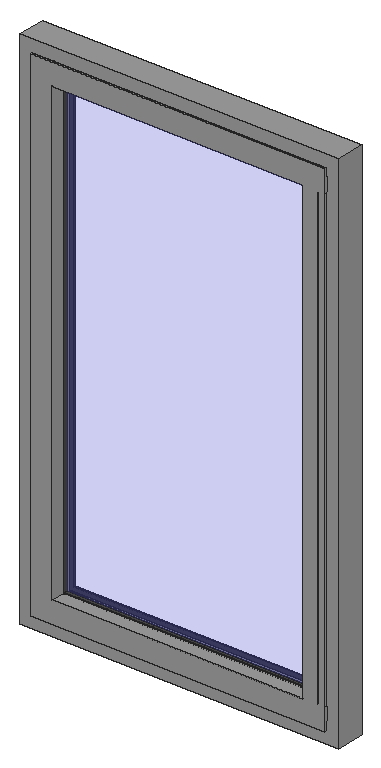
Revit family "SS_3250_LAP IC001_v01", category Windows, host Wall, Revit 2015
Parameters
  Wall Thickness [instance] = 0' - 6"
  URL = "obe.com"
  Rough Width = Width + 0' 0 1/2"  # 3' - 0 1/2"
  Rough Height = Height + 0' 0 1/2"  # 5' - 0 1/2"
  Offset Limitation [instance] = if((Offset + 0' 3 1/4") > Wall Thickness, (Wall Thickness - 0' 3 1/4"), Offset)  # 0' - 0"
  Offset [instance] = 0' - 0"
  Model = "SS_3250_LAP IC001"
  Manufacturer = "Oldcastle BuildingEnvelope®"
  Keynote = "08 51 00"
  Height = 5' - 0"
  Glass Material = Glass
  Gasket Material = Gasket
  Frame Material = Aluminum
  Description = "SIGNATURE SERIES 3.25 LAP"
  Default Sill Height = 3' - 0"
  Wall Closure = By host
  Width = 3' - 0"
  Assembly Code = "B2020\r\nB2020\r\n"
Reference planes (in)
  plane 1 "Center (Front/Back)": y = 0
  plane 2: z = 0
  plane 3 "Center (Left/Right)": x = 0.25
  plane 4 "Left": x = -18
  plane 5 "Right": x = 18.5
  plane 6 "Sill": z = 36
  plane 7 "Top": z = 96.5
  plane 8 "Offset": y = 3
  plane 9: x = 18.25
  plane 10: z = 96.25
  plane 11: x = -17.75
  plane 12: z = 36.25
  plane 13: z = 39.25
  plane 14: z = 93.25
  plane 15: z = 66.25
  plane 16 "INT": y = 1.451
Forms (in)
  Sweep 1, solid, material "Aluminum" <- "Frame Material"
    path origin (0, 3, 0) x (-1, 0, 0) y (0, 0, 1)
      loop
        line (17.75, 36) -> (17.75, 96.5)
    profile origin (-17.75, 3, 66.25) x (1, 0, 0) y (0, 1, 0)
      loop
        line (1.36814, -3.25) -> (1.36814, -0.08) -> (2.25, -0.08) -> (2.25, 0) -> (-0.25, 0) -> (-0.25, -0.08) -> (-0.25, -3.17) -> (-0.25, -3.25) -> (1.36814, -3.25)
  Extrusion 2, solid, material "Glass" <- "Glass Material"
    sketch origin (0, 0, 36) x (0, -1, 0) y (1, 0, 0)
      loop
        line (-2.451, 15.25) -> (-2.451, -14.75) -> (-1.451, -14.75) -> (-1.451, 15.25) -> (-2.451, 15.25)
    from 3.25 to 57.25
  Sweep 3, solid, material "Aluminum" <- "Frame Material"
    path origin (0, 3, 0) x (-1, 0, 0) y (0, 0, 1)
      loop
        line (-18.25, 96.5) -> (-18.25, 36)
    profile origin (18.25, 3, 66.25) x (0, 1, 0) y (-1, 0, 0)
      loop
        line (0, 2.25) -> (-0.08, 2.25) -> (-0.08, 1.36814) -> (-3.25, 1.36814) -> (-3.25, -0.25) -> (0, -0.25) -> (0, 2.25)
  Sweep 4, solid, material "Aluminum" <- "Frame Material"
    path origin (0, 3, 0) x (-1, 0, 0) y (0, 0, 1)
      loop
        line (18, 36.25) -> (-18.5, 36.25)
    profile origin (0.25, 3, 36.25) x (0, 0, -1) y (0, 1, 0)
      loop
        line (0.25, -3.25) -> (0.25, 0) -> (-2.25, 0) -> (-2.25, -0.174) -> (-1.375, -0.174) -> (-1.375, -3.25) -> (0.25, -3.25)
  Sweep 5, solid, material "Aluminum" <- "Frame Material"
    path origin (0, 3, 0) x (-1, 0, 0) y (0, 0, 1)
      loop
        line (-18.5, 96.25) -> (18, 96.25)
    profile origin (0.25, 3, 96.25) x (0, 0, 1) y (0, 1, 0)
      loop
        line (0.25, 0) -> (-2.25, 0) -> (-2.25, -0.17965) -> (-1.37526, -0.17965) -> (-1.37526, -3.25) -> (0.25, -3.25) -> (0.25, 0)
  Sweep 6, solid, material "Gasket" <- "Gasket Material", detail levels fine
    path origin (0, 3, 0) x (-1, 0, 0) y (0, 0, 1)
      loop
        line (-14.625, 92.625) -> (-14.625, 39.875) -> (14.125, 39.875) -> (14.125, 92.625) -> (-14.625, 92.625)
    profile origin (0.25, 3, 92.625) x (0, 0, 1) y (0, 1, 0)
      loop
        line (0.34093, -0.42398) -> (-0.014, -0.42398) -> (-0.014, -0.27489) -> (-0.05125, -0.28625) -> (-0.15422, -0.549) -> (0.34093, -0.549) -> (0.34093, -0.42398)
      loop
        line (-0.125, -1.549) -> (-0.03895, -1.829) -> (-0.00014, -1.829) -> (-0.01214, -1.74898) -> (0.16122, -1.74898) -> (0.23207, -1.66148) -> (0.3225, -1.58826)
        arc (0.3225, -1.58826) -> (0.33392, -1.57024) -> (0.33208, -1.549) r 0.03334
        line (0.33208, -1.549) -> (-0.125, -1.549)
  Sweep 7, solid, material "Aluminum" <- "Frame Material"
    path origin (0, 3, 0) x (-1, 0, 0) y (0, 0, 1)
      loop
        line (17.75, 95.1162) -> (17.75, 37.3838)
    profile origin (-17.75, 3, 66.25) x (0, 1, 0) y (-1, 0, 0)
      loop
        line (-0.25, -2) -> (-3.375, -2) -> (-3.375, -1.1338) -> (-3.5, -1.15625) -> (-3.5, -3.625) -> (-1.74898, -3.625) -> (-1.74898, -3) -> (-0.424, -3) -> (-0.424, -3.625) -> (-0.25, -3.625) -> (-0.25, -2)
  Sweep 8, solid, material "Aluminum" <- "Frame Material"
    path origin (0, 3, 0) x (-1, 0, 0) y (0, 0, 1)
      loop
        line (-18.25, 95.1162) -> (-18.25, 37.3838)
    profile origin (18.25, 3, 66.25) x (0, 1, 0) y (-1, 0, 0)
      loop
        line (-0.25, 2) -> (-0.25, 3.625) -> (-0.424, 3.625) -> (-0.424, 3) -> (-1.749, 3) -> (-1.749, 3.625) -> (-3.5, 3.625) -> (-3.5, 1.15625) -> (-3.375, 1.1338) -> (-3.375, 2) -> (-0.25, 2)
  Sweep 9, solid, material "Aluminum" <- "Frame Material"
    path origin (0, 3, 0) x (-1, 0, 0) y (0, 0, 1)
      loop
        line (-17.1162, 96.25) -> (16.6162, 96.25)
    profile origin (0.25, 3, 96.25) x (0, 0, 1) y (0, 1, 0)
      loop
        line (-2, -0.25) -> (-3.625, -0.25) -> (-3.625, -0.42398) -> (-3, -0.42398) -> (-3, -1.74898) -> (-3.62506, -1.74898) -> (-3.62506, -3.5) -> (-1.125, -3.5) -> (-1.125, -3.326) -> (-2, -3.326) -> (-2, -0.25)
  Sweep 10, solid, material "Aluminum" <- "Frame Material"
    path origin (0, 3, 0) x (-1, 0, 0) y (0, 0, 1)
      loop
        line (16.6162, 36.25) -> (-17.1162, 36.25)
    profile origin (0.25, 3, 36.25) x (0, 0, -1) y (0, 1, 0)
      loop
        line (-3.625, -0.25) -> (-3.625, -0.42398) -> (-3, -0.42398) -> (-3, -1.74898) -> (-3.625, -1.74898) -> (-3.625, -3.5) -> (-1.11135, -3.5) -> (-1.11135, -3.326) -> (-2, -3.326) -> (-2, -0.25) -> (-3.625, -0.25)
Cuts and joins
  joined: Sweep 1, Sweep 3, Sweep 4, Sweep 5
  joined: Sweep 7, Sweep 8, Sweep 9, Sweep 10
Lines and regions (in)
  Opening 1
    outline origin (-60, -3, 0) x (1, 0, 0) y (0, 0, 1)
      loop
        line (42, 96.5) -> (42, 36) -> (78.5, 36) -> (78.5, 96.5) -> (42, 96.5)
  model lines, style "Opening Direction"
    curve 1: line (14.625, 1.451, 92.625) -> (-14.125, 1.451, 66.25)
    curve 2: line (14.625, 1.451, 39.87506) -> (-14.125, 1.451, 66.25)
Text (in)
  text "EXTERIOR" at (-58.6888, 50.90694, 0), in view "Ref. Level"
  text "INTERIOR" at (-58.6888, -45.26638, 0), in view "Ref. Level"
  text "Exterior" at (0, 43.65631, 123.19604), in view "Left"
  text "Exterior" at (0, 18.29385, 125.04747), in view "Right"
  text "Min Size\n\n18\" width x 18\" height\n\n\n\nMax Size\n\n48\" x 84\"\n\n\n\nMax Operable Area\n\n21 square feet\n\n\n\nOperable Width must be less than or equal to height" at (104.46544, 66.81893, 0), in view "Ref. Level"
Dimensions and locks (in)
  "Rough Width": plane 4 "Left" to plane 5 "Right"
  "Rough Height": plane 6 "Sill" to plane 7 "Top"
  "Default Sill Height": plane 2 to plane 6 "Sill"
  "Wall Thickness": host wall to host wall
  "Offset Limitation": host wall to plane 8 "Offset"
  locked: plane 9 to plane 5 "Right" at 0.25
  locked: plane 10 to plane 7 "Top" at 0.25
  "Height": plane 12 to plane 10
  "Width": plane 11 to plane 9
  locked: plane 14 to plane 10 at 3
  locked: plane 12 to plane 13 at 3
  plane 8 "Offset" to Extrusion 2 sketch curve to Extrusion 2 sketch curve = 0' - 0.549" locked, 0' - 1" locked
  equal spacing: plane 4 "Left", plane 3 "Center (Left/Right)", plane 5 "Right"
  equal spacing: plane 6 "Sill", plane 15, plane 7 "Top"
  locked: plane 16 "INT" to plane 8 "Offset" at 1.549
  locked: Sweep 9 sketch curve to plane 9 at 1.1338
  locked: plane 11 to Sweep 9 sketch curve at 1.1338
  locked: plane 11 to Sweep 10 sketch curve at 1.1338
  locked: Sweep 10 sketch curve to plane 9 at 1.1338
  locked: Sweep 7 sketch curve to plane 10 at 1.1338
  locked: plane 12 to Sweep 7 sketch curve at 1.1338
  locked: plane 12 to Sweep 8 sketch curve at 1.1338
  locked: Sweep 8 sketch curve to plane 10 at 1.1338
  aligned and locked: plane 7 "Top" to Opening 1 sketch curve
  aligned and locked: plane 6 "Sill" to Opening 1 sketch curve  (x2)
  aligned and locked: plane 5 "Right" to Opening 1 sketch curve
  aligned and locked: plane 4 "Left" to Opening 1 sketch curve
  aligned and locked: level to plane 2
  aligned and locked: nested 2 to plane 12
  aligned and locked: plane 13 to Extrusion 2
  aligned and locked: Extrusion 2 to plane 14
  aligned and locked: plane 12 to nested 1
  aligned and locked: plane 3 "Center (Left/Right)" to nested 1
  aligned and locked: nested 1 to plane 8 "Offset"
  aligned and locked: plane 3 "Center (Left/Right)" to nested 2
  aligned and locked: nested 2 to plane 8 "Offset"
  aligned and locked: plane 15 to curve 2
  aligned and locked: Sweep 7 sketch curve to plane 11
  aligned and locked: Sweep 8 sketch curve to plane 9
  aligned and locked: plane 10 to Sweep 9 sketch curve
  aligned and locked: Sweep 10 sketch curve to plane 12
Automatic sketch dimensions
  Extrusion 2 sketch curve to plane 11 = 0' - 3"
  plane 9 to Extrusion 2 sketch curve = 0' - 3"
  plane 9 to Sweep 3 sketch curve = 0' - 0"
  plane 12 to Sweep 3 sketch curve = 0' - 0 1/4"
  Sweep 3 sketch curve to plane 10 = 0' - 0 1/4"
  Sweep 3 sketch curve to plane 8 "Offset" = 0' - 0"
  profile plane to Sweep 3 sketch curve = 0' - 0 1/4"
  Sweep 1 sketch curve to plane 8 "Offset" = 0' - 0"
  profile plane to Sweep 1 sketch curve = 0' - 0 1/4"
  Sweep 1 sketch curve to Sweep 1 sketch curve = 0' - 3.17"
  Sweep 1 sketch curve to Sweep 1 sketch curve = 0' - 0.08"  (x3)
  Sweep 4 sketch curve to plane 8 "Offset" = 0' - 0"
  Sweep 4 sketch curve to profile plane = 0' - 0 1/4"
  Sweep 6 sketch curve to plane 13 = 0' - 0 5/8"
  Sweep 6 sketch curve to plane 11 = 0' - 3 5/8"
  plane 14 to Sweep 6 sketch curve = 0' - 0 5/8"
  plane 9 to Sweep 6 sketch curve = 0' - 3 5/8"
  profile plane to Sweep 6 sketch curve = 0' - 0.15422"
  profile plane to Sweep 6 sketch curve = 0' - 0 1/8"
  profile plane to Sweep 6 sketch curve = 0' - 0.05125"
  profile plane to Sweep 6 sketch curve = 0' - 0.014"
  profile plane to Sweep 6 sketch curve = 0' - 0.01214"
  Sweep 6 sketch curve to profile plane = 0' - 0.16122"
  Sweep 6 sketch curve to Sweep 6 sketch curve = 0' - 0.07085"
  Sweep 6 sketch curve to Sweep 6 sketch curve = 0' - 0.06945"
  Sweep 6 sketch curve to Sweep 6 sketch curve = 0' - 0.02098"
  Sweep 6 sketch curve to Sweep 6 sketch curve = 0' - 0.03056"
  Sweep 6 sketch curve to profile plane = 0' - 0.34093"
  Sweep 6 sketch curve to plane 8 "Offset" = 0' - 1.74898"
  Sweep 6 sketch curve to Sweep 6 sketch curve = 0' - 0.0875"
  Sweep 6 sketch curve to Sweep 6 sketch curve = 0' - 0.07323"
  Sweep 6 sketch curve to Sweep 6 sketch curve = 0' - 0.02591"
  Sweep 6 sketch curve to plane 8 "Offset" = 0' - 0.549"
  Sweep 6 sketch curve to Sweep 6 sketch curve = 0' - 0.12502"
  Sweep 6 sketch curve to Sweep 6 sketch curve = 0' - 0.13773"
  Sweep 6 sketch curve to Sweep 6 sketch curve = 0' - 0.01136"
  profile plane to Sweep 6 sketch curve = 0' - 0.03895"
  profile plane to Sweep 6 sketch curve = 0' - 0.00014"
  Sweep 6 sketch curve to Sweep 6 sketch curve = 0' - 0.08002"
  plane 11 to Sweep 1 sketch curve = 0' - 0"
  Sweep 1 sketch curve to plane 6 "Sill" = 0' - 0"
  Sweep 1 sketch curve to plane 7 "Top" = 0' - 0"
  plane 5 "Right" to Sweep 5 sketch curve = 0' - 0"
  plane 4 "Left" to Sweep 5 sketch curve = 0' - 0"
  Sweep 5 sketch curve to plane 10 = 0' - 0"
  plane 5 "Right" to Sweep 4 sketch curve = 0' - 0"
  plane 4 "Left" to Sweep 4 sketch curve = 0' - 0"
  Sweep 4 sketch curve to plane 12 = 0' - 0"
  curve 1 to plane 11 = 0' - 3 5/8"
  curve 2 to plane 13 = 0' - 0.62506"
  plane 9 to curve 2 = 0' - 3 5/8"
  plane 14 to curve 1 = 0' - 0 5/8"
  plane 9 to curve 1 = 0' - 3 5/8"
  Sweep 5 sketch curve to plane 8 "Offset" = 0' - 0"
  profile plane to Sweep 5 sketch curve = 0' - 2 1/4"
  Sweep 5 sketch curve to profile plane = 0' - 0 1/4"
  Sweep 5 sketch curve to Sweep 5 sketch curve = 0' - 3 1/4"
  Sweep 5 sketch curve to Sweep 5 sketch curve = 0' - 0.87474"
  Sweep 5 sketch curve to plane 8 "Offset" = 0' - 0.17965"
  Sweep 4 sketch curve to Sweep 4 sketch curve = 0' - 3 1/4"
  Sweep 4 sketch curve to Sweep 4 sketch curve = 0' - 0.174"
  Sweep 4 sketch curve to Sweep 4 sketch curve = 0' - 0 7/8"
  profile plane to Sweep 4 sketch curve = 0' - 1 3/8"
  Sweep 1 sketch curve to profile plane = 0' - 1.36814"
  Sweep 1 sketch curve to Sweep 1 sketch curve = 0' - 0.88186"
  Sweep 3 sketch curve to plane 8 "Offset" = 0' - 0.08"
  Sweep 3 sketch curve to plane 8 "Offset" = 0' - 3 1/4"
  Sweep 3 sketch curve to profile plane = 0' - 1.36814"
  Sweep 3 sketch curve to Sweep 3 sketch curve = 0' - 0.88186"
  Sweep 7 sketch curve to plane 8 "Offset" = 0' - 3 1/2"
  Sweep 7 sketch curve to plane 8 "Offset" = 0' - 1.74898"
  Sweep 7 sketch curve to plane 8 "Offset" = 0' - 0.424"
  Sweep 7 sketch curve to Sweep 7 sketch curve = 0' - 0.174"
  Sweep 7 sketch curve to Sweep 7 sketch curve = 0' - 0"
  Sweep 7 sketch curve to Sweep 7 sketch curve = 0' - 0 5/8"
  Sweep 7 sketch curve to Sweep 7 sketch curve = 0' - 1"
  Sweep 7 sketch curve to Sweep 7 sketch curve = 0' - 0 1/8"
  Sweep 7 sketch curve to Sweep 7 sketch curve = 0' - 0 27/32"
  profile plane to Sweep 7 sketch curve = 0' - 1 5/32"
  profile plane to Sweep 7 sketch curve = 0' - 1.1338"
  Sweep 8 sketch curve to plane 8 "Offset" = 0' - 0 1/4"
  Sweep 8 sketch curve to Sweep 8 sketch curve = 0' - 0.174"
  Sweep 8 sketch curve to Sweep 8 sketch curve = 0' - 0"
  Sweep 8 sketch curve to Sweep 8 sketch curve = 0' - 1.325"
  Sweep 8 sketch curve to Sweep 8 sketch curve = 0' - 0 5/8"
  Sweep 8 sketch curve to profile plane = 0' - 1.1338"
  Sweep 8 sketch curve to Sweep 8 sketch curve = 0' - 0 1/8"
  Sweep 8 sketch curve to Sweep 8 sketch curve = 0' - 1.626"
  Sweep 8 sketch curve to Sweep 8 sketch curve = 0' - 0.02245"
  Sweep 8 sketch curve to Sweep 8 sketch curve = 0' - 0.8662"
  Sweep 8 sketch curve to Sweep 8 sketch curve = 0' - 1"
  Sweep 10 sketch curve to plane 8 "Offset" = 0' - 0 1/4"
  profile plane to Sweep 10 sketch curve = 0' - 3 5/8"
  Sweep 10 sketch curve to Sweep 10 sketch curve = 0' - 0"
  Sweep 10 sketch curve to Sweep 10 sketch curve = 0' - 0 5/8"
  Sweep 10 sketch curve to Sweep 10 sketch curve = 0' - 1 5/8"
  Sweep 10 sketch curve to Sweep 10 sketch curve = 0' - 0.88865"
  Sweep 10 sketch curve to Sweep 10 sketch curve = 0' - 0.17398"
  Sweep 10 sketch curve to Sweep 10 sketch curve = 0' - 1.325"
  Sweep 10 sketch curve to Sweep 10 sketch curve = 0' - 1.57702"
  Sweep 10 sketch curve to Sweep 10 sketch curve = 0' - 0.174"
  profile plane to Sweep 9 sketch curve = 0' - 3.62506"
  Sweep 9 sketch curve to plane 8 "Offset" = 0' - 0.42398"
  Sweep 9 sketch curve to Sweep 9 sketch curve = 0' - 0.00006"
  Sweep 9 sketch curve to Sweep 9 sketch curve = 0' - 0.62506"
  Sweep 9 sketch curve to Sweep 9 sketch curve = 0' - 1.62506"
  Sweep 9 sketch curve to Sweep 9 sketch curve = 0' - 0 7/8"
  Sweep 9 sketch curve to Sweep 9 sketch curve = 0' - 1.325"
  Sweep 9 sketch curve to Sweep 9 sketch curve = 0' - 1.57702"
  Sweep 9 sketch curve to Sweep 9 sketch curve = 0' - 0.174"
  Sweep 9 sketch curve to Sweep 9 sketch curve = 0' - 0.17398"
Nested families (in)
  nested 1: "S-3250 LAP-Plan View" at (0.25, 3, 0.25), Default Sill Height <- "Default Sill Height", Height <- "Height", Width <- "Width", type "S-3250 LAP-Plan View"
    with Width 3' - 0", Height 5' - 0", Default Sill Height 3' - 0"
  nested 2: "S-3250 LAP-Section Operable" at (0.25, 3, 0.25), Default Sill Height <- "Default Sill Height", Height <- "Height", Width <- "Width", type "S-3250 LAP-Section Operable"
    with Width 3' - 0", Height 5' - 0", Default Sill Height 3' - 0"
Definition of nested family "S-3250 LAP-Plan View"
  Parameters (values of type "S-3250 LAP-Plan View")
    Width [instance] = 3' - 0"
    Height [instance] = 3' - 0"
    Default Sill Height [instance] = 3' - 0"
    Analytic Construction = "<None>"
  Reference planes (in)
    plane 1 "Center (Front/Back)": y = 0
    plane 2: z = 0
    plane 3 "Center (Left/Right)": x = 0
    plane 4: z = 36
  Lines and regions (in)
    model lines, not visible
      curve 1: line (0, 0, 36) -> (0, 0, 72)
  Dimensions and locks (in)
    "Default Sill Height": plane 4 to plane 2
    "Height": plane 4 to curve 1
    aligned and locked: plane 2 to level
    aligned and locked: plane 4 to curve 1
    aligned and locked: plane 1 "Center (Front/Back)" to curve 1
    aligned and locked: nested 1 to plane 3 "Center (Left/Right)"
    aligned and locked: plane 1 "Center (Front/Back)" to nested 1
  Nested families (in)
    nested 1: "S-3250 LAP-Plan View" at (-18, 0, 0), Width <- "Width", type "S-3250 LAP-Plan View"
      with Width 3' - 0"
  Definition of nested family "S-3250 LAP-Plan View"
    Parameters (values of type "S-3250 LAP-Plan View")
      Width [instance] = 3' - 0"
    Reference planes (in)
      plane 1 "Center (Front/Back)": y = 0
      plane 2: z = 0
      plane 3 "C": x = 0
      plane 4: x = 36
      plane 5: x = 33
      plane 6: x = 3
      plane 7 "Center (Left/Right)": x = 18
    Lines and regions (in)
      detail lines, in view "Ref. Level"
        curve 1: line (33, -1.549, 0) -> (3, -1.549, 0)
        curve 2: line (33, -0.549, 0) -> (3, -0.549, 0)
    Dimensions and locks (in)
      "Width": plane 3 "C" to plane 4
      locked: plane 3 "C" to plane 6 at 3
      locked: plane 5 to plane 4 at 3
      equal spacing: plane 3 "C", plane 7 "Center (Left/Right)", plane 4
      aligned and locked: plane 1 "Center (Front/Back)" to nested 2
      aligned and locked: plane 1 "Center (Front/Back)" to nested 1
      aligned and locked: nested 2 to plane 3 "C"
      aligned and locked: plane 4 to nested 1
      aligned and locked: plane 5 to curve 1
      aligned and locked: plane 5 to curve 2
      aligned and locked: plane 6 to curve 1
      aligned and locked: plane 6 to curve 2
      aligned and locked: plane 5 to nested 1
    Automatic sketch dimensions
      plane 1 "Center (Front/Back)" to curve 1 = 0' - 1.549"
      plane 1 "Center (Front/Back)" to curve 2 = 0' - 0.549"
    Nested families (in)
      nested 1: "S-3250 LAP-JAMB L" at (36, 0, 0), type "S-3250 LAP-JAMB L", in view "Ref. Level"
      nested 2: "S-3250 LAP-JAMB R" at (0, 0, 0), type "S-3250 LAP-JAMB R", in view "Ref. Level"
    Definition of nested family "S-3250 LAP-JAMB L"
      Reference planes (in)
        plane 1 "Center (Front/Back)": y = 0
        plane 2: z = 0
        plane 3 "Center (Left/Right)": x = 0
      Lines and regions (in)
        detail lines, in view "Ref. Level"
          curve 1: line (-3.625, 3.5, 0) -> (-1.15625, 3.5, 0)
          curve 2: line (-1.15625, 3.5, 0) -> (-1.125, 3.326, 0)
          curve 3: line (-1.125, 3.326, 0) -> (-1.125, 3.25, 0)
          curve 4: line (-1.125, 3.25, 0) -> (0.25, 3.25, 0)
          curve 5: line (0.25, 3.25, 0) -> (0.25, 3.17, 0)
          curve 6: line (0.25, 3.17, 0) -> (0.25, 0.08, 0)
          curve 7: line (0.25, 0.08, 0) -> (0.25, 0, 0)
          curve 8: line (0.25, 0, 0) -> (-2.25, 0, 0)
          curve 9: line (-2.25, 0, 0) -> (-2.25, 0.25, 0)
          curve 10: line (-2.25, 0.25, 0) -> (-3.625, 0.25, 0)
          curve 11: line (-3.625, 0.25, 0) -> (-3.625, 0.549, 0)
          curve 12: line (-3.625, 0.549, 0) -> (-3, 0.549, 0)
          curve 13: line (-3, 0.549, 0) -> (-3, 1.549, 0)
          curve 14: line (-3, 1.549, 0) -> (-3.625, 1.549, 0)
          curve 15: line (-3.625, 1.549, 0) -> (-3.625, 3.5, 0)
    Definition of nested family "S-3250 LAP-JAMB R"
      Reference planes (in)
        plane 1 "Center (Front/Back)": y = 0
        plane 2: z = 0
        plane 3 "Center (Left/Right)": x = 0
      Lines and regions (in)
        detail lines, in view "Ref. Level"
          curve 1: line (3.625, 3.5, 0) -> (1.15625, 3.5, 0)
          curve 2: line (1.15625, 3.5, 0) -> (1.125, 3.326, 0)
          curve 3: line (1.125, 3.326, 0) -> (1.125, 3.25, 0)
          curve 4: line (1.125, 3.25, 0) -> (-0.25, 3.25, 0)
          curve 5: line (-0.25, 3.25, 0) -> (-0.25, 3.17, 0)
          curve 6: line (-0.25, 3.17, 0) -> (-0.25, 0.08, 0)
          curve 7: line (-0.25, 0.08, 0) -> (-0.25, 0, 0)
          curve 8: line (-0.25, 0, 0) -> (2.25, 0, 0)
          curve 9: line (2.25, 0, 0) -> (2.25, 0.25, 0)
          curve 10: line (2.25, 0.25, 0) -> (3.625, 0.25, 0)
          curve 11: line (3.625, 0.25, 0) -> (3.625, 0.549, 0)
          curve 12: line (3.625, 0.549, 0) -> (3, 0.549, 0)
          curve 13: line (3, 0.549, 0) -> (3, 1.549, 0)
          curve 14: line (3, 1.549, 0) -> (3.625, 1.549, 0)
          curve 15: line (3.625, 1.549, 0) -> (3.625, 3.5, 0)
Definition of nested family "S-3250 LAP-Section Operable"
  Parameters (values of type "S-3250 LAP-Section Operable")
    Width [instance] = 3' - 0"
    Height [instance] = 3' - 0"
    Default Sill Height [instance] = 3' - 0"
    Analytic Construction = "<None>"
  Reference planes (in)
    plane 1 "Center (Front/Back)": y = 0
    plane 2: z = 0
    plane 3 "Center (Left/Right)": x = 0
    plane 4: z = 36
  Lines and regions (in)
    model lines, not visible
      curve 1: line (-18, 0, 0) -> (18, 0, 0)
  Dimensions and locks (in)
    equal spacing: curve 1, plane 3 "Center (Left/Right)", curve 1
    "Width": curve 1 to curve 1
    "Default Sill Height": plane 4 to plane 2
    aligned and locked: plane 2 to level
    aligned and locked: nested 1 to plane 1 "Center (Front/Back)"
    aligned and locked: plane 4 to nested 1
    aligned and locked: plane 1 "Center (Front/Back)" to curve 1
  Nested families (in)
    nested 1: "S-3250 LAP-Section Operable" at (0, 0, 36) x (0, -1, 0) z (1, 0, 0), Height <- "Height", type "S-3250 LAP-Section Operable"
      with Height 3' - 0"
  Definition of nested family "S-3250 LAP-Section Operable"
    Parameters (values of type "SHS-Section")
      Height [instance] = 3' - 0"
    Reference planes (in)
      plane 1 "Center (Front/Back)": y = 0
      plane 2: z = 0
      plane 3 "Center (Left/Right)": x = 0
      plane 4: y = 36
      plane 5: y = 33
      plane 6: y = 3
    Lines and regions (in)
      detail lines, in view "Ref. Level"
        curve 1: line (0.549, 33, 0) -> (0.549, 3, 0)
        curve 2: line (1.549, 33, 0) -> (1.549, 3, 0)
    Dimensions and locks (in)
      locked: plane 4 to plane 5 at 3
      locked: plane 6 to plane 1 "Center (Front/Back)" at 3
      "Height": plane 1 "Center (Front/Back)" to plane 4
      aligned and locked: plane 3 "Center (Left/Right)" to nested 2
      aligned and locked: plane 3 "Center (Left/Right)" to nested 1
      aligned and locked: nested 1 to plane 4
      aligned and locked: plane 1 "Center (Front/Back)" to nested 2
      aligned and locked: plane 5 to curve 2
      aligned and locked: plane 5 to curve 1
      aligned and locked: plane 6 to curve 2
      aligned and locked: plane 6 to curve 1
    Automatic sketch dimensions
      plane 3 "Center (Left/Right)" to curve 1 = 0' - 0.549"
      curve 1 to curve 2 = 0' - 1"
    Nested families (in)
      nested 1: "4-HEAD" at (0, 36, 0), type "4-HEAD", in view "Ref. Level"
      nested 2: "6-SILL" at (0, 0, 0), type "6-SILL", in view "Ref. Level"
    Definition of nested family "4-HEAD"
      Reference planes (in)
        plane 1 "Center (Front/Back)": y = 0
        plane 2: z = 0
        plane 3 "Center (Left/Right)": x = 0
      Lines and regions (in)
        detail lines, in view "Ref. Level"
          curve 1: line (3.5, -3.62506, 0) -> (3.5, -1.15625, 0)
          curve 2: line (3.5, -1.15625, 0) -> (3.326, -1.125, 0)
          curve 3: line (3.326, -1.125, 0) -> (3.25, -1.125, 0)
          curve 4: line (3.25, -1.125, 0) -> (3.25, 0.25, 0)
          curve 5: line (3.25, 0.25, 0) -> (3.17, 0.25, 0)
          curve 6: line (3.17, 0.25, 0) -> (0.08, 0.25, 0)
          curve 7: line (0.08, 0.25, 0) -> (0, 0.25, 0)
          curve 8: line (0, 0.25, 0) -> (0, -2.25, 0)
          curve 9: line (0, -2.25, 0) -> (0.25, -2.25, 0)
          curve 10: line (0.25, -2.25, 0) -> (0.25, -3.625, 0)
          curve 11: line (0.25, -3.625, 0) -> (0.54897, -3.625, 0)
          curve 12: line (0.54897, -3.625, 0) -> (0.54897, -3, 0)
          curve 13: line (0.54897, -3, 0) -> (1.549, -3, 0)
          curve 14: line (1.549, -3, 0) -> (1.549, -3.62506, 0)
          curve 15: line (1.549, -3.62506, 0) -> (3.5, -3.62506, 0)
    Definition of nested family "6-SILL"
      Reference planes (in)
        plane 1 "Center (Front/Back)": y = 0
        plane 2: z = 0
        plane 3 "Center (Left/Right)": x = 0
      Lines and regions (in)
        detail lines, in view "Ref. Level"
          curve 1: line (0.08, -0.25, 0) -> (3.17, -0.25, 0)
          curve 2: line (3.17, -0.25, 0) -> (3.25, -0.25, 0)
          curve 3: line (3.25, -0.25, 0) -> (3.25, 1.12456, 0)
          curve 4: line (3.25, 1.12456, 0) -> (3.326, 1.125, 0)
          curve 5: line (3.326, 1.125, 0) -> (3.5, 1.15625, 0)
          curve 6: line (3.5, 1.15625, 0) -> (3.5, 3.625, 0)
          curve 7: line (3.5, 3.625, 0) -> (1.549, 3.625, 0)
          curve 8: line (1.549, 3.625, 0) -> (1.549, 3, 0)
          curve 9: line (1.549, 3, 0) -> (0.549, 3, 0)
          curve 10: line (0.549, 3, 0) -> (0.549, 3.625, 0)
          curve 11: line (0.549, 3.625, 0) -> (0.25, 3.625, 0)
          curve 12: line (0.25, 3.625, 0) -> (0.25, 2.25, 0)
          curve 13: line (0.25, 2.25, 0) -> (0, 2.25, 0)
          curve 14: line (0, 2.25, 0) -> (0, -0.25, 0)
          curve 15: line (0, -0.25, 0) -> (0.04, -0.25, 0)
